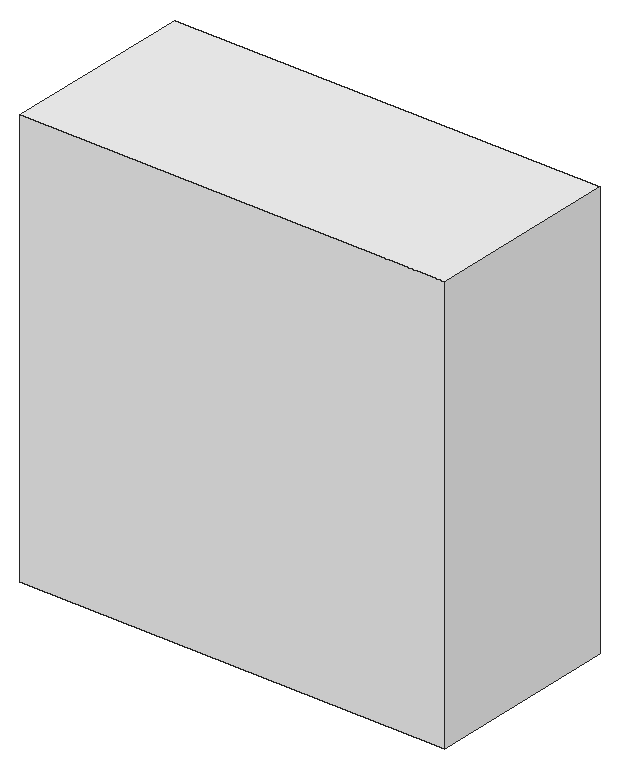
Revit family "HL_Электронный модуль управления_HL0710E.0EPC_Low_Voltage.rfa", category Elektrická tělesa, Revit 2016
Family settings
  Zachovat orientaci poznámky = Ne
  Typ součásti = Normální
  Kóta kulaté spojky = Použít průměr
  Číslo OmniClass = 23.85.80.11.24
  Nadpis OmniClass = Environmental Controls
  Založené na pracovní rovině = Ne
  Vždy vertikální = Ano
  Ořezat dutým tvarem při načtení = Ne
  Sdílené = Ano
  Bod výpočtu místnosti = Ne
Parameters
  полная установленная мощность фаза = 0 VA
  Напряжение = 230 V
  Коэффициент мощности = Other
  Количество полюсов = 1
  Классификация нагрузок = 1
  ВЕС = "1,357 kg"
  Вертикальная позиция [instance] = 0
  Výrobce = "HL Hutterer & Lechner GmbH"
  URL = "http://www.hutterer-lechner.com/ru/products/catalog/roof-drains/HL0710E.0EPC.aspx"
  Popis = "Механический канализационный затвор"
  Model = "HL0710E.0EPC"
  LEGAL NOTICE = "\"Авторские права(©), права на дизайн или какие либо другие права интелектуальной собственности являются исключительной собственностью компании HL Hutterer & Lechner. Изменению не подлежит. Файл семейства с данными о прозводителе изделия защищен паролем с водяным знаком.\""
  Komentáře k typům = "Электронный модул с возможностью подключения"
  Keynote = "HL0710E.0EPC"
  Горизонтальное положение [instance] = 0
  EAN = "9003076009800"
  Cena = 0
Reference planes
  plane 1 "Střed (vpředu/vzadu)": y = 0
  plane 2: z = 0
  plane 3 "Střed (vlevo/vpravo)": x = 0
Forms (mm)
  Sweep 1, solid, material "Plactic - White", detail levels fine
    path origin (41.226, 0, -608.5) x (1, 0, 0) y (0, 0, 1)
      loop
        line (-41.226, 608.5) -> (-41.226, 728.5)
    profile origin (0, 0, 60) x (-1, 0, 0) y (0, -1, 0)
      loop
        line (0, 0) -> (0, -55.5) -> (122, -55.5) -> (122, 0) -> (0, 0)
Dimensions and locks
  aligned and locked: level to plane 2
Nested families
  nested 1: "Servopohon ventilu spojitý.CC" at (-60.865, 27.663, 0), Вертикальная позиция <- "Вертикальная позиция", Горизонтальное положение <- "Горизонтальное положение", type "Servopohon ventilu spojitý.CC", detail levels coarse+medium
    with Горизонтальное положение 0, Вертикальная позиция 0, ver 100 mm, hor 100 mm
Connectors
  electrical at (-61, 27.75, 0), driven by "Количество полюсов", driven by "Коэффициент мощности", driven by "Напряжение", driven by "полная установленная мощность фаза", driven by "Классификация нагрузок"
    settings: on Sweep 1, index 1, voltage 230 V, apparent load 0 VA, apparent load phase1 0 VA, apparent load phase2 0 VA, apparent load phase3 0 VA, power factor 1, load classification "Other", number of poles 1, system type 31, power factor state 1, is connector primary yes, connector utility no, sub classification motor no, connector description ""
Definition of nested family "Servopohon ventilu spojitý.CC"
  Parameters (values of type "Servopohon ventilu spojitý.CC")
    ver [instance] = if(Вертикальная позиция > 0, 100 mm + Вертикальная позиция * 1 mm, 100 mm + Вертикальная позиция * 1 mm)  # 100 mm
    hor [instance] = if(Горизонтальное положение > 0, 100 mm - Горизонтальное положение * 1 mm, 100 mm - Горизонтальное положение * 1 mm)  # 100 mm
    URL = "www.cadconsulting.cz"
    Вертикальная позиция [instance] = 0
    Горизонтальное положение [instance] = 0
    Copyright = "© cadconsulting, spol. s r.o."  # constant formula
    COPYRIGHT = "© cadconsulting, spol. s r.o."  # constant formula
  Reference planes
    plane 1: y = 0
    plane 2: x = 0
  Lines and regions (mm)
    detail lines
      curve 1: circle (0, 0, 0) r 2.5 normal (0, 0, 1)
    detail lines, not visible
      curve 2: circle (0.006, 18.75, 0) r 2.5 normal (0, 0, 1)
    reference lines
      curve 3: line (-2.5, 0, 0) -> (2.5, 0, 0)
      curve 4: line (0, 2.5, 0) -> (0, -2.5, 0)
      curve 7: line (100, 6.627, 0) -> (100, -53.373, 0)
      curve 8: line (-14.794, -100, 0) -> (40.206, -100, 0)
    reference lines, not visible
      curve 5: line (-2.494, 18.75, 0) -> (2.506, 18.75, 0)
      curve 6: line (0.006, 21.25, 0) -> (0.006, 16.25, 0)
  Dimensions and locks
    locked: curve 8 to plane 1 at 100
    locked: plane 2 to curve 7 at 100
    "hor": curve 4 to curve 7
    "ver": curve 8 to curve 3
  Automatic sketch dimensions
    plane 2 to curve 8 = 40.206 mm
    curve 8 to plane 2 = 14.794 mm
    plane 1 to curve 7 = 53.373 mm
    curve 7 to plane 1 = 6.627 mm
